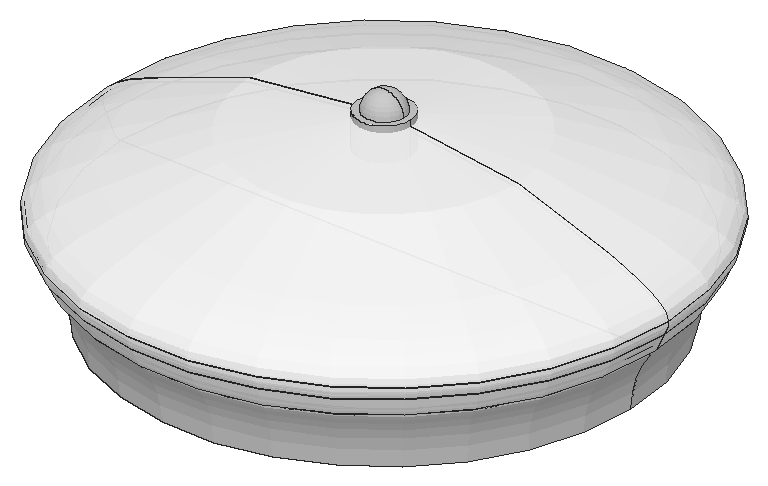
Revit family "0043407", category Lighting Devices, host Face, Revit 2023 (continued)
Definition of nested family "0043407_4000K_9.3W_lightsource"
  Parameters (values of type "START SURFACE IP54 PIR 450-1800 830/840 lightsource")
    built-in parameter 1150142 = "IESNA:LM-63-2002\r\n[TEST] 20231108002M-01\r\n[TESTLAB] \r\n[TESTDATE] 8 Nov 2023\r\n[ISSUEDATE] 8 Nov 2023\r\n[MANUFAC] SYLVANIA\r\n[LUMCAT] 0043407\r\n[LUMINAIRE] START Surface IP44 Multip PIR 1800lm 830 840-4000K 3µµ\r\n[FLASHAREA] 0.017100\r\n[LAMPCAT] LED\r\n[LAMP] LED\r\nTILT=NONE\r\n1 890.00 1.0 181 3 1 2 -0.300 -0.300 0.000\r\n1.00 1.00 9.30\r\n0.00 1.00 2.00 3.00 4.00 5.00 6.00 7.00 8.00 9.00 10.00 \r\n11.00 12.00 13.00 14.00 15.00 16.00 17.00 18.00 19.00 \r\n20.00 21.00 22.00 23.00 24.00 25.00 26.00 27.00 28.00 \r\n29.00 30.00 31.00 32.00 33.00 34.00 35.00 36.00 37.00 \r\n38.00 39.00 40.00 41.00 42.00 43.00 44.00 45.00 46.00 \r\n47.00 48.00 49.00 50.00 51.00 52.00 53.00 54.00 55.00 \r\n56.00 57.00 58.00 59.00 60.00 61.00 62.00 63.00 64.00 \r\n65.00 66.00 67.00 68.00 69.00 70.00 71.00 72.00 73.00 \r\n74.00 75.00 76.00 77.00 78.00 79.00 80.00 81.00 82.00 \r\n83.00 84.00 85.00 86.00 87.00 88.00 89.00 90.00 91.00 \r\n92.00 93.00 94.00 95.00 96.00 97.00 98.00 99.00 100.00 \r\n101.00 102.00 103.00 104.00 105.00 106.00 107.00 108.00 \r\n109.00 110.00 111.00 112.00 113.00 114.00 115.00 116.00 \r\n117.00 118.00 119.00 120.00 121.00 122.00 123.00 124.00 \r\n125.00 126.00 127.00 128.00 129.00 130.00 131.00 132.00 \r\n133.00 134.00 135.00 136.00 137.00 138.00 139.00 140.00 \r\n141.00 142.00 143.00 144.00 145.00 146.00 147.00 148.00 \r\n149.00 150.00 151.00 152.00 153.00 154.00 155.00 156.00 \r\n157.00 158.00 159.00 160.00 161.00 162.00 163.00 164.00 \r\n165.00 166.00 167.00 168.00 169.00 170.00 171.00 172.00 \r\n173.00 174.00 175.00 176.00 177.00 178.00 179.00 180.00 \r\n0.00 45.00 90.00 \r\n247.24 247.06 246.80 246.44 246.00 245.46 244.93 244.22 \r\n243.50 242.61 241.72 240.75 239.77 238.70 237.45 236.21 \r\n234.78 233.45 231.93 230.33 228.64 226.95 225.17 223.30 \r\n221.34 219.38 217.34 215.20 212.98 210.75 208.35 205.95 \r\n203.45 200.96 198.38 195.71 193.04 190.28 187.52 184.59 \r\n181.74 178.80 175.78 172.75 169.72 166.52 163.40 160.11 \r\n156.91 153.44 150.23 146.76 143.38 139.91 136.44 132.97 \r\n129.32 125.85 122.29 118.81 115.25 111.78 108.22 104.75 \r\n101.37 97.90 94.52 91.22 87.98 84.81 81.52 78.52 75.46 \r\n72.45 69.53 66.76 64.09 61.43 58.91 56.36 53.97 51.65 \r\n49.44 47.29 45.15 43.14 41.12 39.14 37.24 35.45 33.76 \r\n32.11 30.55 29.09 27.72 26.42 25.19 24.05 22.97 21.97 \r\n20.98 20.07 19.31 18.61 17.97 17.39 16.89 16.44 16.04 \r\n15.68 15.36 15.05 14.77 14.50 14.25 13.97 13.74 13.54 \r\n13.29 13.07 12.84 12.62 12.40 12.16 11.92 11.69 11.45 \r\n11.20 10.95 10.71 10.45 10.22 9.99 9.81 9.62 9.42 9.20 \r\n9.01 8.82 8.62 8.45 8.27 8.12 7.91 7.59 7.28 6.94 6.60 \r\n6.29 5.98 5.70 5.51 5.34 5.29 5.30 5.36 5.37 5.39 5.40 \r\n5.42 5.44 5.52 5.56 5.56 5.55 5.31 4.80 4.08 3.13 2.43 \r\n2.17 2.15 2.42 2.59 2.65 2.77 3.18 3.64 4.03 4.15 4.15 \r\n247.24 247.15 246.89 246.62 246.26 245.82 245.37 244.75 \r\n244.04 243.33 242.53 241.55 240.57 239.50 238.34 237.19 \r\n235.85 234.60 233.18 231.67 230.06 228.46 226.77 224.99 \r\n223.12 221.08 219.12 216.98 214.85 212.71 210.40 208.08 \r\n205.68 203.28 200.78 198.29 195.71 193.04 190.37 187.52 \r\n184.76 181.83 178.98 175.95 172.93 169.90 166.79 163.58 \r\n160.38 157.17 153.97 150.59 147.30 143.91 140.53 137.06 \r\n133.59 130.12 126.65 123.18 119.62 116.14 112.67 109.20 \r\n105.73 102.26 98.88 95.50 92.20 88.93 85.64 82.50 79.41 \r\n76.42 73.47 70.56 67.78 65.03 62.39 59.75 57.20 54.79 \r\n52.39 50.10 47.93 45.85 43.89 41.90 39.97 38.07 36.26 \r\n34.51 32.86 31.27 29.79 28.38 27.02 25.77 24.56 23.50 \r\n22.53 21.56 20.67 19.86 19.09 18.41 17.80 17.22 16.72 \r\n16.28 15.90 15.54 15.25 15.01 14.78 14.60 14.44 14.30 \r\n14.17 14.00 13.79 13.55 13.30 12.99 12.66 12.32 11.93 \r\n11.56 11.23 10.91 10.60 10.29 9.97 9.59 9.11 8.58 8.05 \r\n7.53 7.00 6.48 5.98 5.56 5.18 4.87 4.58 4.36 4.12 3.87 \r\n3.67 3.70 3.73 3.84 3.96 4.20 4.40 4.60 4.76 4.73 4.62 \r\n4.51 4.33 4.02 3.75 3.67 3.51 3.29 2.93 2.80 2.67 2.55 \r\n2.42 2.30 2.17 2.36 2.49 2.56 2.83 3.14 3.86 4.39 4.43 \r\n247.24 247.24 247.24 246.97 246.71 246.35 246.00 245.46 \r\n244.93 244.31 243.50 242.70 241.81 240.83 239.85 238.79 \r\n237.63 236.38 235.05 233.71 232.20 230.60 229.00 227.40 \r\n225.62 223.75 221.88 219.92 217.87 215.83 213.69 211.38 \r\n209.15 206.84 204.34 201.94 199.36 196.87 194.29 191.53 \r\n188.86 186.01 183.25 180.31 177.47 174.53 171.50 168.48 \r\n165.36 162.25 159.04 155.84 152.63 149.25 145.96 142.58 \r\n139.20 135.72 132.25 128.78 125.31 121.84 118.37 114.90 \r\n111.43 108.05 104.58 101.19 97.81 94.61 91.22 88.07 84.87 \r\n81.77 78.69 75.70 72.73 69.86 67.09 64.36 61.74 59.19 \r\n56.73 54.31 51.91 49.67 47.44 45.33 43.25 41.23 39.25 \r\n37.32 35.55 33.89 32.25 30.71 29.26 27.87 26.57 25.32 \r\n24.17 23.13 22.11 21.12 20.25 19.47 18.76 18.14 17.56 \r\n17.03 16.54 16.13 15.78 15.49 15.25 14.99 14.78 14.60 \r\n14.43 14.28 14.11 13.98 13.82 13.69 13.59 13.47 13.36 \r\n13.25 13.14 13.03 12.87 12.68 12.43 12.13 11.80 11.42 \r\n11.01 10.56 10.13 9.67 9.24 8.82 8.49 8.25 8.02 7.78 7.55 \r\n7.31 7.10 6.92 6.67 6.45 6.20 5.92 5.61 5.34 5.05 4.77 \r\n4.40 4.04 3.64 3.30 2.84 2.36 1.96 1.69 1.73 2.12 2.55 \r\n2.73 2.57 1.97 2.08 2.18 2.29 2.40 2.51 2.98 3.67 4.53 \r\n4.73 \r\n"
    Model = "START SURFACE IP54 PIR 450-1800 830/840 lightsource"
    Manufacturer = "Feilo Sylvania"
    built-in parameter 1150105 = 266.1 (stored number, unit not read)
    Lumens = 957.9 lm
    built-in parameter 1150115 = 1 (stored number, unit not read)
    built-in parameter 1150137 = (empty or 0)
    built-in parameter 1150139 = (empty or 0)
    built-in parameter 1150112 = 1 (stored number, unit not read)
    built-in parameter 1150114 = 1 (stored number, unit not read)
    Lamp = "LED"
    Keynote = "16500"
    built-in parameter 1150132 = (empty or 0)
    built-in parameter 1150102 = 103
    built-in parameter 1150107 = 4000 (stored number, unit not read)
    built-in parameter 1150138 = (empty or 0)
    built-in parameter 1150106 = 2.661 (stored number, unit not read)
    Emit from Circle Diameter = 300 mm  # constant formula
    Emit Shape Visible in Rendering = no
    built-in parameter 1150104 = 9.569 (stored number, unit not read)
    Dimming Lamp Color Temperature Shift = (empty or 0)
    Description = ""
    Default Elevation = 1219.2 mm
    Cost = 0
    Color Filter = 16777215
    built-in parameter 1114216 [instance] = (empty or 0)
    built-in parameter 1114218 = 1 (stored number, unit not read)
    built-in parameter 1150133 = 10 (stored number, unit not read)
    Assembly Code = "D5020200"
    Apparent Load = 0 VA
  Reference planes
    plane 1 "Center (Front/Back)": y = 0
    plane 2: z = 0
    plane 3 "Center (Left/Right)": x = 0
  Forms (mm)
    Extrusion 1, solid
      sketch origin (4.2, 0, 0) x (1, 0, 0) y (0, 1, 0)
        loop
          line (-1219.2, 1219.2) -> (-1219.2, -1219.2) -> (1219.2, -1219.2) -> (1219.2, 1219.2) -> (-1219.2, 1219.2)
      from 0 to -68.017
  Dimensions and locks
    aligned and locked: plane 2 to Extrusion 1
    aligned and locked: level to Extrusion 1
Definition of nested family "0043407_4000K_13.5W_lightsource"
  Parameters (values of type "START SURFACE IP54 PIR 450-1800 830/840 lightsource")
    Wattage Comments = "n/a"
    Wattage = 13.5 W
    built-in parameter 1150110 = 1 (stored number, unit not read)
    URL = "http://www.sylvania-lighting.com"
    Type Image = (empty or 0)
    Type Comments = "n/a"
    built-in parameter 1114217 = 1 (stored number, unit not read)
    Tilt Angle = -90.00°
    built-in parameter 1150109 = 1 (stored number, unit not read)
    built-in parameter 1150134 = 12
    built-in parameter 1150113 = 1 (stored number, unit not read)
    Photometric Web File = "0043407_4000K_13.5W.IES"
    built-in parameter 1150142 = "IESNA:LM-63-2002\r\n[TEST] 20231108002M-01\r\n[TESTLAB] \r\n[TESTDATE] 8 Nov 2023\r\n[ISSUEDATE] 8 Nov 2023\r\n[MANUFAC] SYLVANIA\r\n[LUMCAT] 0043407\r\n[LUMINAIRE] START Surface IP44 Multip PIR 1800lm 830 840-4000K 2µµ\r\n[FLASHAREA] 0.017100\r\n[LAMPCAT] LED\r\n[LAMP] LED\r\nTILT=NONE\r\n1 1400.00 1.0 181 3 1 2 -0.300 -0.300 0.000\r\n1.00 1.00 13.50\r\n0.00 1.00 2.00 3.00 4.00 5.00 6.00 7.00 8.00 9.00 10.00 \r\n11.00 12.00 13.00 14.00 15.00 16.00 17.00 18.00 19.00 \r\n20.00 21.00 22.00 23.00 24.00 25.00 26.00 27.00 28.00 \r\n29.00 30.00 31.00 32.00 33.00 34.00 35.00 36.00 37.00 \r\n38.00 39.00 40.00 41.00 42.00 43.00 44.00 45.00 46.00 \r\n47.00 48.00 49.00 50.00 51.00 52.00 53.00 54.00 55.00 \r\n56.00 57.00 58.00 59.00 60.00 61.00 62.00 63.00 64.00 \r\n65.00 66.00 67.00 68.00 69.00 70.00 71.00 72.00 73.00 \r\n74.00 75.00 76.00 77.00 78.00 79.00 80.00 81.00 82.00 \r\n83.00 84.00 85.00 86.00 87.00 88.00 89.00 90.00 91.00 \r\n92.00 93.00 94.00 95.00 96.00 97.00 98.00 99.00 100.00 \r\n101.00 102.00 103.00 104.00 105.00 106.00 107.00 108.00 \r\n109.00 110.00 111.00 112.00 113.00 114.00 115.00 116.00 \r\n117.00 118.00 119.00 120.00 121.00 122.00 123.00 124.00 \r\n125.00 126.00 127.00 128.00 129.00 130.00 131.00 132.00 \r\n133.00 134.00 135.00 136.00 137.00 138.00 139.00 140.00 \r\n141.00 142.00 143.00 144.00 145.00 146.00 147.00 148.00 \r\n149.00 150.00 151.00 152.00 153.00 154.00 155.00 156.00 \r\n157.00 158.00 159.00 160.00 161.00 162.00 163.00 164.00 \r\n165.00 166.00 167.00 168.00 169.00 170.00 171.00 172.00 \r\n173.00 174.00 175.00 176.00 177.00 178.00 179.00 180.00 \r\n0.00 45.00 90.00 \r\n388.36 388.08 387.66 387.10 386.40 385.70 384.72 383.74 \r\n382.62 381.36 379.82 378.28 376.74 374.92 373.10 371.14 \r\n369.04 366.80 364.42 362.04 359.38 356.72 353.92 350.98 \r\n347.90 344.68 341.60 338.10 334.74 331.10 327.46 323.68 \r\n319.76 315.84 311.78 307.72 303.52 299.18 294.84 290.36 \r\n285.88 281.26 276.50 271.74 266.84 261.94 257.04 251.86 \r\n246.68 241.50 236.32 230.86 225.54 220.08 214.76 209.30 \r\n203.70 198.10 192.64 187.18 181.58 175.98 170.52 165.06 \r\n159.60 154.42 148.96 143.78 138.71 133.59 128.60 123.66 \r\n118.94 114.31 109.77 105.45 101.12 97.01 92.93 88.94 \r\n85.13 81.48 78.04 74.63 71.33 68.14 65.02 61.99 59.01 \r\n56.07 53.34 50.76 48.33 46.00 43.86 41.78 39.76 37.95 \r\n36.26 34.65 33.24 31.86 30.66 29.50 28.52 27.50 26.68 \r\n25.96 25.33 24.77 24.23 23.74 23.31 22.90 22.50 22.08 \r\n21.70 21.34 20.96 20.59 20.24 19.91 19.52 19.17 18.79 \r\n18.42 18.06 17.68 17.26 16.87 16.48 16.11 15.76 15.47 \r\n15.16 14.84 14.50 14.20 13.90 13.59 13.31 13.04 12.78 \r\n12.43 11.96 11.44 10.91 10.38 9.88 9.42 9.01 8.69 8.47 \r\n8.41 8.48 8.56 8.60 8.61 8.57 8.57 8.67 8.82 8.88 8.88 \r\n8.79 8.40 7.60 6.44 4.96 3.87 3.51 3.47 3.99 4.26 4.34 \r\n4.55 5.17 5.93 6.56 6.74 6.74 \r\n388.36 388.22 387.80 387.38 386.82 386.12 385.28 384.30 \r\n383.32 382.20 380.94 379.54 377.86 376.18 374.50 372.68 \r\n370.58 368.48 366.24 363.86 361.48 358.96 356.16 353.36 \r\n350.42 347.34 344.26 341.04 337.68 334.32 330.82 327.04 \r\n323.40 319.62 315.56 311.64 307.58 303.24 299.04 294.70 \r\n290.36 285.74 281.26 276.50 271.88 267.12 262.22 257.18 \r\n252.14 247.10 241.92 236.74 231.56 226.24 220.92 215.60 \r\n210.14 204.68 199.22 193.76 188.16 182.70 177.24 171.78 \r\n166.32 160.86 155.54 150.22 145.18 139.96 134.95 129.96 \r\n125.09 120.32 115.58 110.96 106.54 102.23 98.04 94.05 \r\n90.09 86.30 82.52 78.97 75.52 72.21 69.01 65.97 62.99 \r\n59.98 57.15 54.38 51.79 49.24 46.93 44.70 42.67 40.71 \r\n38.85 37.10 35.46 33.96 32.55 31.26 30.07 29.08 28.13 \r\n27.26 26.45 25.75 25.14 24.58 24.12 23.73 23.41 23.11 \r\n22.88 22.67 22.47 22.20 21.84 21.48 21.06 20.58 20.06 \r\n19.49 18.87 18.30 17.78 17.28 16.80 16.31 15.78 15.19 \r\n14.43 13.61 12.76 11.93 11.13 10.32 9.58 8.88 8.31 7.84 \r\n7.43 7.09 6.68 6.29 5.95 5.94 6.02 6.18 6.38 6.72 7.05 \r\n7.35 7.64 7.63 7.44 7.24 6.94 6.44 6.03 5.92 5.65 5.33 \r\n4.74 4.54 4.33 4.13 3.92 3.72 3.51 3.79 4.00 4.12 4.53 \r\n4.99 6.18 7.03 7.12 \r\n388.36 388.36 388.22 387.94 387.52 386.96 386.26 385.42 \r\n384.58 383.60 382.48 381.22 379.82 378.28 376.74 374.92 \r\n373.10 371.14 369.18 366.94 364.56 362.18 359.66 357.00 \r\n354.34 351.40 348.46 345.38 342.16 338.94 335.44 331.94 \r\n328.30 324.66 320.88 317.10 313.18 309.26 305.06 300.86 \r\n296.52 292.18 287.84 283.22 278.74 273.98 269.22 264.46 \r\n259.56 254.66 249.76 244.58 239.54 234.36 229.04 223.72 \r\n218.40 213.08 207.62 202.30 196.70 191.24 185.92 180.46 \r\n175.00 169.68 164.22 158.90 153.72 148.54 143.22 138.31 \r\n133.27 128.35 123.54 118.79 114.24 109.72 105.42 101.15 \r\n97.05 93.03 89.07 85.18 81.54 77.97 74.54 71.15 67.97 \r\n64.81 61.67 58.69 55.89 53.27 50.74 48.33 46.05 43.86 \r\n41.80 39.82 37.98 36.32 34.73 33.32 31.98 30.77 29.62 \r\n28.63 27.66 26.87 26.07 25.44 24.92 24.44 24.02 23.65 \r\n23.39 23.07 22.81 22.55 22.33 22.11 21.85 21.66 21.46 \r\n21.28 21.08 20.93 20.73 20.58 20.34 20.05 19.66 19.19 \r\n18.66 18.09 17.44 16.76 16.07 15.36 14.66 14.04 13.52 \r\n13.11 12.73 12.38 12.00 11.63 11.30 10.98 10.64 10.26 \r\n9.88 9.44 8.97 8.52 8.07 7.64 7.08 6.49 5.90 5.35 4.60 \r\n3.86 3.23 2.79 2.92 3.49 4.18 4.44 4.15 3.21 3.39 3.56 \r\n3.74 3.91 4.09 4.85 5.90 7.28 7.60 \r\n"
    Model = "START SURFACE IP54 PIR 450-1800 830/840 lightsource"
    Manufacturer = "Feilo Sylvania"
    built-in parameter 1150105 = 385.72 (stored number, unit not read)
    Lumens = 1390.5 lm
    built-in parameter 1150115 = 1 (stored number, unit not read)
    built-in parameter 1150137 = (empty or 0)
    built-in parameter 1150139 = (empty or 0)
    built-in parameter 1150112 = 1 (stored number, unit not read)
    built-in parameter 1150114 = 1 (stored number, unit not read)
    Lamp = "LED"
    Keynote = "16500"
    built-in parameter 1150132 = (empty or 0)
    built-in parameter 1150102 = 103
    built-in parameter 1150107 = 4000 (stored number, unit not read)
    built-in parameter 1150138 = (empty or 0)
    built-in parameter 1150106 = 3.8572 (stored number, unit not read)
    Emit from Circle Diameter = 300 mm  # constant formula
    Emit Shape Visible in Rendering = no
    built-in parameter 1150104 = 9.569 (stored number, unit not read)
    Dimming Lamp Color Temperature Shift = (empty or 0)
    Description = ""
    Default Elevation = 1219.2 mm
    Cost = 0
    Color Filter = 16777215
    built-in parameter 1114216 [instance] = (empty or 0)
    built-in parameter 1114218 = 1 (stored number, unit not read)
    built-in parameter 1150133 = 10 (stored number, unit not read)
    Assembly Code = "D5020200"
    Apparent Load = 0 VA
  Reference planes
    plane 1 "Center (Front/Back)": y = 0
    plane 2: z = 0
    plane 3 "Center (Left/Right)": x = 0
  Forms (mm)
    Extrusion 1, solid
      sketch origin (4.2, 0, 0) x (1, 0, 0) y (0, 1, 0)
        loop
          line (-1219.2, 1219.2) -> (-1219.2, -1219.2) -> (1219.2, -1219.2) -> (1219.2, 1219.2) -> (-1219.2, 1219.2)
      from 0 to -68.017
  Dimensions and locks
    aligned and locked: plane 2 to Extrusion 1
    aligned and locked: level to Extrusion 1
Definition of nested family "0043407_4000K_17.5W_lightsource"
  Parameters (values of type "START SURFACE IP54 PIR 450-1800 830/840 lightsource")
    Wattage Comments = "n/a"
    Wattage = 17.5 W
    built-in parameter 1150110 = 1 (stored number, unit not read)
    URL = "http://www.sylvania-lighting.com"
    Type Image = (empty or 0)
    Type Comments = "n/a"
    built-in parameter 1114217 = 1 (stored number, unit not read)
    Tilt Angle = -90.00°
    built-in parameter 1150109 = 1 (stored number, unit not read)
    built-in parameter 1150134 = 12
    built-in parameter 1150113 = 1 (stored number, unit not read)
    Photometric Web File = "0043407_4000K_17.5W.IES"
    built-in parameter 1150142 = "IESNA:LM-63-2002\r\n[TEST] 20231108002M-01\r\n[TESTLAB] \r\n[TESTDATE] 8 Nov 2023\r\n[ISSUEDATE] 8 Nov 2023\r\n[MANUFAC] SYLVANIA\r\n[LUMCAT] 0043407\r\n[LUMINAIRE] START Surface IP44 Multip PIR 1800lm 830/840-4000K 1µµ\r\n[FLASHAREA] 0.017100\r\n[LAMPCAT] LED\r\n[LAMP] LED\r\nTILT=NONE\r\n1 1800.00 1.0 181 3 1 2 -0.300 -0.300 0.000\r\n1.00 1.00 17.50\r\n0.00 1.00 2.00 3.00 4.00 5.00 6.00 7.00 8.00 9.00 10.00 \r\n11.00 12.00 13.00 14.00 15.00 16.00 17.00 18.00 19.00 \r\n20.00 21.00 22.00 23.00 24.00 25.00 26.00 27.00 28.00 \r\n29.00 30.00 31.00 32.00 33.00 34.00 35.00 36.00 37.00 \r\n38.00 39.00 40.00 41.00 42.00 43.00 44.00 45.00 46.00 \r\n47.00 48.00 49.00 50.00 51.00 52.00 53.00 54.00 55.00 \r\n56.00 57.00 58.00 59.00 60.00 61.00 62.00 63.00 64.00 \r\n65.00 66.00 67.00 68.00 69.00 70.00 71.00 72.00 73.00 \r\n74.00 75.00 76.00 77.00 78.00 79.00 80.00 81.00 82.00 \r\n83.00 84.00 85.00 86.00 87.00 88.00 89.00 90.00 91.00 \r\n92.00 93.00 94.00 95.00 96.00 97.00 98.00 99.00 100.00 \r\n101.00 102.00 103.00 104.00 105.00 106.00 107.00 108.00 \r\n109.00 110.00 111.00 112.00 113.00 114.00 115.00 116.00 \r\n117.00 118.00 119.00 120.00 121.00 122.00 123.00 124.00 \r\n125.00 126.00 127.00 128.00 129.00 130.00 131.00 132.00 \r\n133.00 134.00 135.00 136.00 137.00 138.00 139.00 140.00 \r\n141.00 142.00 143.00 144.00 145.00 146.00 147.00 148.00 \r\n149.00 150.00 151.00 152.00 153.00 154.00 155.00 156.00 \r\n157.00 158.00 159.00 160.00 161.00 162.00 163.00 164.00 \r\n165.00 166.00 167.00 168.00 169.00 170.00 171.00 172.00 \r\n173.00 174.00 175.00 176.00 177.00 178.00 179.00 180.00 \r\n0.00 45.00 90.00 \r\n495.54 495.36 494.82 494.28 493.56 492.66 491.58 490.32 \r\n489.06 487.44 485.82 483.84 482.04 479.88 477.54 475.02 \r\n472.32 469.62 466.74 463.68 460.44 457.20 453.60 449.82 \r\n446.04 442.08 437.94 433.80 429.48 424.98 420.30 415.44 \r\n410.58 405.72 400.50 395.28 389.88 384.48 379.08 373.32 \r\n367.56 361.62 355.68 349.74 343.44 337.14 330.66 324.36 \r\n317.70 311.04 304.38 297.54 290.88 283.86 277.02 270.00 \r\n262.98 255.78 248.76 241.74 234.54 227.52 220.50 213.48 \r\n206.46 199.62 192.78 186.12 179.44 173.03 166.59 160.43 \r\n154.37 148.30 142.47 136.82 131.40 125.87 120.82 115.70 \r\n110.81 105.88 101.32 96.77 92.45 88.34 84.28 80.19 76.43 \r\n72.81 69.30 66.04 62.87 59.85 56.95 54.29 51.75 49.41 \r\n47.20 45.09 43.11 41.35 39.73 38.25 36.94 35.73 34.67 \r\n33.68 32.76 32.04 31.34 30.73 30.11 29.57 29.07 28.57 \r\n28.06 27.58 27.11 26.66 26.19 25.74 25.29 24.82 24.34 \r\n23.87 23.40 22.91 22.39 21.89 21.40 20.93 20.52 20.11 \r\n19.73 19.33 18.92 18.54 18.16 17.76 17.36 17.00 16.66 \r\n16.18 15.57 14.95 14.29 13.63 13.01 12.43 11.90 11.55 \r\n11.28 11.20 11.39 11.51 11.54 11.54 11.48 11.46 11.58 \r\n11.74 11.84 11.85 11.71 11.19 10.13 8.55 6.70 5.09 4.49 \r\n4.39 4.97 5.40 5.62 5.73 6.48 7.37 8.25 8.66 8.62 \r\n495.54 495.54 495.18 494.64 494.10 493.38 492.30 491.22 \r\n489.96 488.70 487.08 485.28 483.48 481.32 479.16 477.00 \r\n474.48 471.78 469.08 466.02 462.96 459.72 456.48 452.88 \r\n449.28 445.50 441.54 437.40 433.26 428.94 424.44 419.94 \r\n415.08 410.22 405.18 400.14 395.10 389.70 384.30 378.72 \r\n373.32 367.56 361.62 355.86 349.74 343.62 337.50 331.20 \r\n324.72 318.24 311.94 305.10 298.44 291.78 284.76 277.92 \r\n270.90 264.06 257.04 250.02 243.00 235.80 228.78 221.76 \r\n214.92 207.90 200.88 194.22 187.38 180.90 174.24 167.81 \r\n161.53 155.34 149.42 143.51 137.86 132.25 126.92 121.63 \r\n116.57 111.69 106.81 102.19 97.65 93.33 89.12 85.14 81.22 \r\n77.45 73.80 70.27 66.94 63.81 60.88 57.94 55.22 52.65 \r\n50.22 47.99 45.92 43.99 42.16 40.48 38.93 37.57 36.27 \r\n35.23 34.24 33.35 32.58 31.88 31.28 30.76 30.35 29.99 \r\n29.68 29.41 29.16 28.82 28.39 27.92 27.36 26.78 26.14 \r\n25.42 24.64 23.92 23.26 22.61 22.00 21.37 20.70 19.85 \r\n18.81 17.77 16.69 15.69 14.69 13.69 12.75 11.88 11.13 \r\n10.49 9.92 9.42 8.84 8.32 7.91 7.88 7.97 8.15 8.40 8.79 \r\n9.17 9.56 9.98 10.07 9.88 9.68 9.29 8.71 8.16 7.89 7.49 \r\n7.03 6.17 4.99 4.89 4.78 4.68 4.57 4.47 4.80 5.03 5.23 \r\n5.89 6.38 7.78 9.01 9.24 \r\n495.54 495.72 495.54 495.18 494.64 493.92 493.20 492.30 \r\n491.22 489.96 488.52 487.08 485.28 483.30 481.50 479.34 \r\n477.00 474.48 471.78 469.08 466.02 463.14 459.90 456.66 \r\n453.06 449.46 445.68 441.72 437.76 433.44 429.12 424.62 \r\n420.12 415.44 410.58 405.72 400.68 395.46 390.24 384.84 \r\n379.44 373.86 368.10 362.34 356.58 350.64 344.52 338.22 \r\n331.92 325.62 319.32 312.66 306.18 299.52 292.68 285.84 \r\n279.18 272.16 265.32 258.30 251.28 244.26 237.42 230.40 \r\n223.38 216.36 209.52 202.68 196.02 189.36 182.70 176.18 \r\n169.72 163.58 157.37 151.31 145.40 139.59 134.03 128.56 \r\n123.30 118.15 113.09 108.27 103.41 99.04 94.61 90.43 \r\n86.26 82.31 78.39 74.59 71.08 67.75 64.55 61.47 58.48 \r\n55.71 53.10 50.69 48.46 46.33 44.30 42.37 40.77 39.20 \r\n37.85 36.58 35.46 34.43 33.41 32.60 31.93 31.34 30.85 \r\n30.38 30.02 29.63 29.29 28.96 28.69 28.39 28.06 27.81 \r\n27.58 27.34 27.11 26.89 26.68 26.48 26.21 25.85 25.38 \r\n24.80 24.16 23.44 22.63 21.74 20.88 19.98 19.10 18.27 \r\n17.57 17.03 16.55 16.06 15.58 15.11 14.68 14.27 13.81 \r\n13.37 12.89 12.33 11.73 11.14 10.54 9.95 9.28 8.53 7.81 \r\n7.12 6.18 5.19 4.33 3.70 3.80 4.56 5.43 5.77 5.39 4.18 \r\n4.40 4.63 4.86 5.09 5.31 6.26 7.73 9.37 9.84 \r\n"
    Model = "START SURFACE IP54 PIR 450-1800 830/840 lightsource"
    Manufacturer = "Feilo Sylvania"
    built-in parameter 1150105 = 496.41 (stored number, unit not read)
    Lumens = 1802.5 lm
    built-in parameter 1150115 = 1 (stored number, unit not read)
    built-in parameter 1150137 = (empty or 0)
    built-in parameter 1150139 = (empty or 0)
    built-in parameter 1150112 = 1 (stored number, unit not read)
    built-in parameter 1150114 = 1 (stored number, unit not read)
    Lamp = "LED"
    Keynote = "16500"
    built-in parameter 1150132 = (empty or 0)
    built-in parameter 1150102 = 103
    built-in parameter 1150107 = 4000 (stored number, unit not read)
    built-in parameter 1150138 = (empty or 0)
    built-in parameter 1150106 = 4.9641 (stored number, unit not read)
    Emit from Circle Diameter = 300 mm  # constant formula
    Emit Shape Visible in Rendering = no
    built-in parameter 1150104 = 9.569 (stored number, unit not read)
    Dimming Lamp Color Temperature Shift = (empty or 0)
    Description = ""
    Default Elevation = 1219.2 mm
    Cost = 0
    Color Filter = 16777215
    built-in parameter 1114216 [instance] = (empty or 0)
    built-in parameter 1114218 = 1 (stored number, unit not read)
    built-in parameter 1150133 = 10 (stored number, unit not read)
    Assembly Code = "D5020200"
    Apparent Load = 0 VA
  Reference planes
    plane 1 "Center (Front/Back)": y = 0
    plane 2: z = 0
    plane 3 "Center (Left/Right)": x = 0
  Forms (mm)
    Extrusion 1, solid
      sketch origin (4.2, 0, 0) x (1, 0, 0) y (0, 1, 0)
        loop
          line (-1219.2, 1219.2) -> (-1219.2, -1219.2) -> (1219.2, -1219.2) -> (1219.2, 1219.2) -> (-1219.2, 1219.2)
      from 0 to -68.017
  Dimensions and locks
    aligned and locked: plane 2 to Extrusion 1
    aligned and locked: level to Extrusion 1
